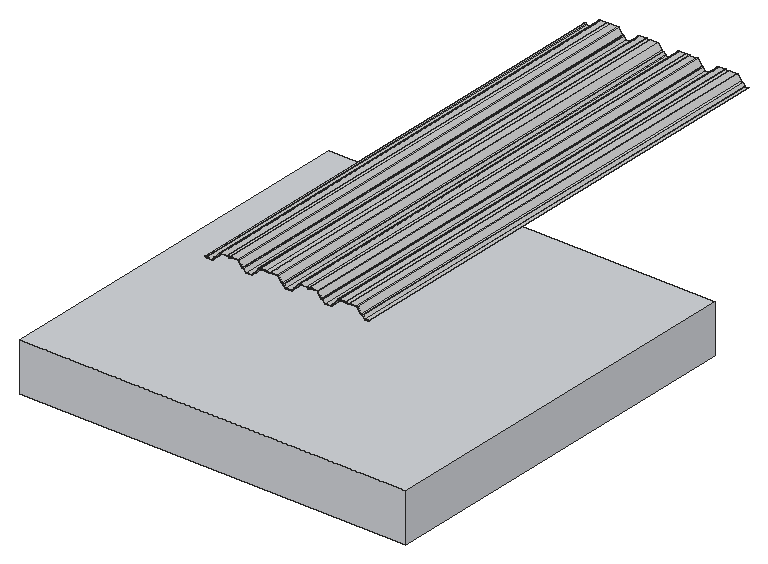
Revit family "Trapézový plech CB 55_250", category Obecné modely, Revit 2016
Family settings
  Hostitel = Plocha
  Typ součásti = Normální
  Může být hostitelem pro výztuž = Ne
  Kóta kulaté spojky = Použít průměr
  Ořezat dutým tvarem při načtení = Ne
  Sdílené = Ne
  Bod výpočtu místnosti = Ne
Parameters
  Šířka prvku - ořezání [instance] = 1032.612 mm
  Šířka [instance] = 1000 mm  # constant formula
  Výrobce = "CB profil a. s."  # constant formula
  Default Elevation = 0 mm
  URL = "https://www.cbprofil.cz/vyrobni-program/trapezove-plechy-vyroba-cb/"
  Třída oceli [instance] = Třída oceli : S 320 GD
  Tloušťka [instance] = 1 mm
  Pozitivní [instance] = not(Negativní)  # yes
  Popis = "CB 55/250"
  Negativní [instance] = no
  F2 barva [instance] = Pozink
  F1 barva [instance] = Pozink
  Délka [instance] = 3000 mm
  CB FLIS [instance] = no
Reference planes
  plane 1 "Střed (vpředu/vzadu)": y = 0
  plane 2: z = 0
  plane 3 "Střed (vlevo/vpravo)": x = 0
  plane 4 "trapézový plech": z = 0
  plane 5 "oříznutí": x = -1032.612
  plane 6: x = -1219.2
  plane 7: x = -1000
  plane 8: z = 57.1
Forms (mm)
  Extrusion 1, solid
    sketch origin (0, 0, 0) x (1, 0, 0) y (0, 1, 0)
      loop
        line (-1219.2, 1219.2) -> (-1219.2, -1219.2) -> (1219.2, -1219.2) -> (1219.2, 1219.2) -> (-1219.2, 1219.2)
    from 0 to -304.8
  Sweep 2, solid, material "Pozink" <- "F2 barva", visible <- "Pozitivní"
    path origin (0, 0, 0) x (-1, 0, 0) y (0, -1, 0)
      loop
        line (0, 0) -> (0, -3000)
    profile "CB 55_250 : CB 55_250" origin (0, 1500, 0) x (-1, 0, 0) y (0, 0, 1)
      loop
        line (17.884, 1) -> (0, 1) -> (-5, 1) -> (-5, 0) -> (0, 0) -> (17.884, 0)
        arc (17.884, 0) -> (19.694, 0.433) -> (21.112, 1.638) r 4
        line (21.112, 1.638) -> (32.051, 16.592)
        arc (32.051, 16.592) -> (32.521, 17.099) -> (33.094, 17.486) r 3
        line (33.094, 17.486) -> (41.593, 21.879)
        arc (41.593, 21.879) -> (42.358, 22.394) -> (42.984, 23.07) r 4
        line (42.984, 23.07) -> (65.515, 53.871)
        arc (65.515, 53.871) -> (66.578, 54.775) -> (67.936, 55.1) r 3
        line (67.936, 55.1) -> (112.732, 55.1)
        arc (112.732, 55.1) -> (113.508, 54.998) -> (114.232, 54.698) r 3
        line (114.232, 54.698) -> (123.001, 49.638)
        arc (123.001, 49.638) -> (125, 49.103) -> (126.999, 49.638) r 4
        line (126.999, 49.638) -> (135.768, 54.698)
        arc (135.768, 54.698) -> (136.491, 54.998) -> (137.267, 55.1) r 3
        line (137.267, 55.1) -> (182.064, 55.1)
        arc (182.064, 55.1) -> (183.421, 54.775) -> (184.485, 53.871) r 3
        line (184.485, 53.871) -> (207.015, 23.07)
        arc (207.015, 23.07) -> (207.642, 22.394) -> (208.407, 21.879) r 4
        line (208.407, 21.879) -> (216.905, 17.486)
        arc (216.905, 17.486) -> (217.479, 17.099) -> (217.949, 16.592) r 3
        line (217.949, 16.592) -> (228.887, 1.638)
        arc (228.887, 1.638) -> (230.306, 0.433) -> (232.116, 0) r 4
        line (232.116, 0) -> (250, 0) -> (267.883, 0)
        arc (267.883, 0) -> (269.694, 0.433) -> (271.112, 1.638) r 4
        line (271.112, 1.638) -> (282.05, 16.592)
        arc (282.05, 16.592) -> (282.52, 17.099) -> (283.094, 17.486) r 3
        line (283.094, 17.486) -> (291.592, 21.879)
        arc (291.592, 21.879) -> (292.357, 22.394) -> (292.984, 23.07) r 4
        line (292.984, 23.07) -> (315.514, 53.871)
        arc (315.514, 53.871) -> (316.578, 54.775) -> (317.936, 55.1) r 3
        line (317.936, 55.1) -> (362.732, 55.1)
        arc (362.732, 55.1) -> (363.508, 54.998) -> (364.231, 54.698) r 3
        line (364.231, 54.698) -> (373, 49.638)
        arc (373, 49.638) -> (374.999, 49.103) -> (376.999, 49.638) r 4
        line (376.999, 49.638) -> (385.768, 54.698)
        arc (385.768, 54.698) -> (386.491, 54.998) -> (387.267, 55.1) r 3
        line (387.267, 55.1) -> (432.063, 55.1)
        arc (432.063, 55.1) -> (433.421, 54.775) -> (434.485, 53.871) r 3
        line (434.485, 53.871) -> (457.015, 23.07)
        arc (457.015, 23.07) -> (457.642, 22.394) -> (458.407, 21.879) r 4
        line (458.407, 21.879) -> (466.905, 17.486)
        arc (466.905, 17.486) -> (467.479, 17.099) -> (467.949, 16.592) r 3
        line (467.949, 16.592) -> (478.887, 1.638)
        arc (478.887, 1.638) -> (480.305, 0.433) -> (482.115, 0) r 4
        line (482.115, 0) -> (517.883, 0)
        arc (517.883, 0) -> (519.693, 0.433) -> (521.111, 1.638) r 4
        line (521.111, 1.638) -> (532.05, 16.592)
        arc (532.05, 16.592) -> (532.52, 17.099) -> (533.094, 17.486) r 3
        line (533.094, 17.486) -> (541.592, 21.879)
        arc (541.592, 21.879) -> (542.357, 22.394) -> (542.984, 23.07) r 4
        line (542.984, 23.07) -> (565.514, 53.871)
        arc (565.514, 53.871) -> (566.578, 54.775) -> (567.935, 55.1) r 3
        line (567.935, 55.1) -> (612.731, 55.1)
        arc (612.731, 55.1) -> (613.508, 54.998) -> (614.231, 54.698) r 3
        line (614.231, 54.698) -> (623, 49.638)
        arc (623, 49.638) -> (624.999, 49.103) -> (626.998, 49.638) r 4
        line (626.998, 49.638) -> (635.767, 54.698)
        arc (635.767, 54.698) -> (636.49, 54.998) -> (637.267, 55.1) r 3
        line (637.267, 55.1) -> (682.063, 55.1)
        arc (682.063, 55.1) -> (683.42, 54.775) -> (684.484, 53.871) r 3
        line (684.484, 53.871) -> (707.014, 23.07)
        arc (707.014, 23.07) -> (707.641, 22.394) -> (708.406, 21.879) r 4
        line (708.406, 21.879) -> (716.904, 17.486)
        arc (716.904, 17.486) -> (717.478, 17.099) -> (717.948, 16.592) r 3
        line (717.948, 16.592) -> (728.887, 1.638)
        arc (728.887, 1.638) -> (730.305, 0.433) -> (732.115, 0) r 4
        line (732.115, 0) -> (749.999, 0) -> (767.883, 0)
        arc (767.883, 0) -> (769.693, 0.433) -> (771.111, 1.638) r 4
        line (771.111, 1.638) -> (782.049, 16.592)
        arc (782.049, 16.592) -> (782.519, 17.099) -> (783.093, 17.486) r 3
        line (783.093, 17.486) -> (791.591, 21.879)
        arc (791.591, 21.879) -> (792.356, 22.394) -> (792.983, 23.07) r 4
        line (792.983, 23.07) -> (815.513, 53.871)
        arc (815.513, 53.871) -> (816.577, 54.775) -> (817.935, 55.1) r 3
        line (817.935, 55.1) -> (862.731, 55.1)
        arc (862.731, 55.1) -> (863.507, 54.998) -> (864.23, 54.698) r 3
        line (864.23, 54.698) -> (873.118, 49.569)
        arc (873.118, 49.569) -> (874.999, 49.1) -> (876.879, 49.569) r 4
        line (876.879, 49.569) -> (885.767, 54.698)
        arc (885.767, 54.698) -> (886.49, 54.998) -> (887.266, 55.1) r 3
        line (887.266, 55.1) -> (932.062, 55.1)
        arc (932.062, 55.1) -> (933.42, 54.775) -> (934.484, 53.871) r 3
        line (934.484, 53.871) -> (957.014, 23.07)
        arc (957.014, 23.07) -> (957.641, 22.394) -> (958.406, 21.879) r 4
        line (958.406, 21.879) -> (966.904, 17.486)
        arc (966.904, 17.486) -> (967.478, 17.099) -> (967.948, 16.592) r 3
        line (967.948, 16.592) -> (978.886, 1.638)
        arc (978.886, 1.638) -> (980.304, 0.433) -> (982.115, 0) r 4
        line (982.115, 0) -> (999.998, 0) -> (1017.882, 0)
        arc (1017.882, 0) -> (1019.692, 0.433) -> (1021.111, 1.638) r 4
        line (1021.111, 1.638) -> (1025.962, 8.27) -> (1025.155, 8.861) -> (1020.303, 2.229)
        arc (1020.303, 2.229) -> (1019.24, 1.325) -> (1017.882, 1) r 3
        line (1017.882, 1) -> (999.998, 1) -> (982.115, 1)
        arc (982.115, 1) -> (980.757, 1.325) -> (979.693, 2.229) r 3
        line (979.693, 2.229) -> (968.755, 17.182)
        arc (968.755, 17.182) -> (968.128, 17.859) -> (967.363, 18.374) r 4
        line (967.363, 18.374) -> (958.865, 22.767)
        arc (958.865, 22.767) -> (958.291, 23.153) -> (957.821, 23.661) r 3
        line (957.821, 23.661) -> (935.291, 54.462)
        arc (935.291, 54.462) -> (933.873, 55.667) -> (932.062, 56.1) r 4
        line (932.062, 56.1) -> (887.266, 56.1)
        arc (887.266, 56.1) -> (886.231, 55.964) -> (885.267, 55.564) r 4
        line (885.267, 55.564) -> (876.403, 50.449)
        arc (876.403, 50.449) -> (874.999, 50.1) -> (873.595, 50.449) r 3
        line (873.595, 50.449) -> (864.73, 55.564)
        arc (864.73, 55.564) -> (863.766, 55.964) -> (862.731, 56.1) r 4
        line (862.731, 56.1) -> (817.935, 56.1)
        arc (817.935, 56.1) -> (816.125, 55.667) -> (814.706, 54.462) r 4
        line (814.706, 54.462) -> (792.176, 23.661)
        arc (792.176, 23.661) -> (791.706, 23.153) -> (791.132, 22.767) r 3
        line (791.132, 22.767) -> (782.634, 18.374)
        arc (782.634, 18.374) -> (781.869, 17.859) -> (781.242, 17.182) r 4
        line (781.242, 17.182) -> (770.304, 2.229)
        arc (770.304, 2.229) -> (769.24, 1.325) -> (767.883, 1) r 3
        line (767.883, 1) -> (749.999, 1) -> (732.115, 1)
        arc (732.115, 1) -> (730.757, 1.325) -> (729.694, 2.229) r 3
        line (729.694, 2.229) -> (718.755, 17.182)
        arc (718.755, 17.182) -> (718.129, 17.859) -> (717.364, 18.374) r 4
        line (717.364, 18.374) -> (708.865, 22.767)
        arc (708.865, 22.767) -> (708.292, 23.153) -> (707.822, 23.661) r 3
        line (707.822, 23.661) -> (685.291, 54.462)
        arc (685.291, 54.462) -> (683.873, 55.667) -> (682.063, 56.1) r 4
        line (682.063, 56.1) -> (637.267, 56.1)
        arc (637.267, 56.1) -> (636.232, 55.964) -> (635.267, 55.565) r 4
        line (635.267, 55.565) -> (626.498, 50.504)
        arc (626.498, 50.504) -> (624.999, 50.103) -> (623.5, 50.504) r 3
        line (623.5, 50.504) -> (614.731, 55.565)
        arc (614.731, 55.565) -> (613.766, 55.964) -> (612.731, 56.1) r 4
        line (612.731, 56.1) -> (567.935, 56.1)
        arc (567.935, 56.1) -> (566.125, 55.667) -> (564.707, 54.462) r 4
        line (564.707, 54.462) -> (542.176, 23.661)
        arc (542.176, 23.661) -> (541.706, 23.153) -> (541.133, 22.767) r 3
        line (541.133, 22.767) -> (532.634, 18.374)
        arc (532.634, 18.374) -> (531.869, 17.859) -> (531.243, 17.182) r 4
        line (531.243, 17.182) -> (520.304, 2.229)
        arc (520.304, 2.229) -> (519.241, 1.325) -> (517.883, 1) r 3
        line (517.883, 1) -> (499.999, 1) -> (482.115, 1)
        arc (482.115, 1) -> (480.758, 1.325) -> (479.694, 2.229) r 3
        line (479.694, 2.229) -> (468.756, 17.182)
        arc (468.756, 17.182) -> (468.129, 17.859) -> (467.364, 18.374) r 4
        line (467.364, 18.374) -> (458.866, 22.767)
        arc (458.866, 22.767) -> (458.292, 23.153) -> (457.822, 23.661) r 3
        line (457.822, 23.661) -> (435.292, 54.462)
        arc (435.292, 54.462) -> (433.873, 55.667) -> (432.063, 56.1) r 4
        line (432.063, 56.1) -> (387.267, 56.1)
        arc (387.267, 56.1) -> (386.232, 55.964) -> (385.268, 55.565) r 4
        line (385.268, 55.565) -> (376.499, 50.504)
        arc (376.499, 50.504) -> (374.999, 50.103) -> (373.5, 50.504) r 3
        line (373.5, 50.504) -> (364.731, 55.565)
        arc (364.731, 55.565) -> (363.767, 55.964) -> (362.732, 56.1) r 4
        line (362.732, 56.1) -> (317.936, 56.1)
        arc (317.936, 56.1) -> (316.125, 55.667) -> (314.707, 54.462) r 4
        line (314.707, 54.462) -> (292.177, 23.661)
        arc (292.177, 23.661) -> (291.707, 23.153) -> (291.133, 22.767) r 3
        line (291.133, 22.767) -> (282.635, 18.374)
        arc (282.635, 18.374) -> (281.87, 17.859) -> (281.243, 17.182) r 4
        line (281.243, 17.182) -> (270.305, 2.229)
        arc (270.305, 2.229) -> (269.241, 1.325) -> (267.883, 1) r 3
        line (267.883, 1) -> (250, 1) -> (232.116, 1)
        arc (232.116, 1) -> (230.758, 1.325) -> (229.694, 2.229) r 3
        line (229.694, 2.229) -> (218.756, 17.182)
        arc (218.756, 17.182) -> (218.129, 17.859) -> (217.364, 18.374) r 4
        line (217.364, 18.374) -> (208.866, 22.767)
        arc (208.866, 22.767) -> (208.292, 23.153) -> (207.822, 23.661) r 3
        line (207.822, 23.661) -> (185.292, 54.462)
        arc (185.292, 54.462) -> (183.874, 55.667) -> (182.064, 56.1) r 4
        line (182.064, 56.1) -> (137.267, 56.1)
        arc (137.267, 56.1) -> (136.233, 55.964) -> (135.268, 55.565) r 4
        line (135.268, 55.565) -> (126.499, 50.504)
        arc (126.499, 50.504) -> (125, 50.103) -> (123.5, 50.504) r 3
        line (123.5, 50.504) -> (114.731, 55.565)
        arc (114.731, 55.565) -> (113.767, 55.964) -> (112.732, 56.1) r 4
        line (112.732, 56.1) -> (67.936, 56.1)
        arc (67.936, 56.1) -> (66.126, 55.667) -> (64.708, 54.462) r 4
        line (64.708, 54.462) -> (42.177, 23.661)
        arc (42.177, 23.661) -> (41.707, 23.153) -> (41.133, 22.767) r 3
        line (41.133, 22.767) -> (32.635, 18.374)
        arc (32.635, 18.374) -> (31.87, 17.859) -> (31.243, 17.182) r 4
        line (31.243, 17.182) -> (20.305, 2.229)
        arc (20.305, 2.229) -> (19.241, 1.325) -> (17.884, 1) r 3
  Extrusion 3, void
    sketch origin (0, 0, 0) x (1, 0, 0) y (0, 0, 1)
      loop
        line (-1219.2, 0) -> (-1032.612, 0) -> (-1032.612, 57.1) -> (-1219.2, 57.1) -> (-1219.2, 0)
    from 0 to -3000
  Sweep 4, solid, material "Pozink" <- "F2 barva", visible <- "Negativní"
    path origin (0, 0, 0) x (-1, 0, 0) y (0, -1, 0)
      loop
        line (0, 0) -> (0, -3000)
    profile "CB 55_250_neg : CB 55_250_neg" origin (0, 1500, 0) x (-1, 0, 0) y (0, 0, 1)
      loop
        arc (17.884, 55.1) -> (19.241, 54.775) -> (20.305, 53.871) r 3
        line (20.305, 53.871) -> (31.243, 38.918)
        arc (31.243, 38.918) -> (31.87, 38.241) -> (32.635, 37.726) r 4
        line (32.635, 37.726) -> (41.133, 33.333)
        arc (41.133, 33.333) -> (41.707, 32.947) -> (42.177, 32.439) r 3
        line (42.177, 32.439) -> (64.708, 1.638)
        arc (64.708, 1.638) -> (66.126, 0.433) -> (67.936, 0) r 4
        line (67.936, 0) -> (112.732, 0)
        arc (112.732, 0) -> (113.767, 0.136) -> (114.731, 0.535) r 4
        line (114.731, 0.535) -> (123.5, 5.596)
        arc (123.5, 5.596) -> (125, 5.997) -> (126.499, 5.596) r 3
        line (126.499, 5.596) -> (135.268, 0.535)
        arc (135.268, 0.535) -> (136.233, 0.136) -> (137.267, 0) r 4
        line (137.267, 0) -> (182.064, 0)
        arc (182.064, 0) -> (183.874, 0.433) -> (185.292, 1.638) r 4
        line (185.292, 1.638) -> (207.822, 32.439)
        arc (207.822, 32.439) -> (208.292, 32.947) -> (208.866, 33.333) r 3
        line (208.866, 33.333) -> (217.364, 37.726)
        arc (217.364, 37.726) -> (218.129, 38.241) -> (218.756, 38.918) r 4
        line (218.756, 38.918) -> (229.694, 53.871)
        arc (229.694, 53.871) -> (230.758, 54.775) -> (232.116, 55.1) r 3
        line (232.116, 55.1) -> (250, 55.1) -> (267.883, 55.1)
        arc (267.883, 55.1) -> (269.241, 54.775) -> (270.305, 53.871) r 3
        line (270.305, 53.871) -> (281.243, 38.918)
        arc (281.243, 38.918) -> (281.87, 38.241) -> (282.635, 37.726) r 4
        line (282.635, 37.726) -> (291.133, 33.333)
        arc (291.133, 33.333) -> (291.707, 32.947) -> (292.177, 32.439) r 3
        line (292.177, 32.439) -> (314.707, 1.638)
        arc (314.707, 1.638) -> (316.125, 0.433) -> (317.936, 0) r 4
        line (317.936, 0) -> (362.732, 0)
        arc (362.732, 0) -> (363.767, 0.136) -> (364.731, 0.535) r 4
        line (364.731, 0.535) -> (373.5, 5.596)
        arc (373.5, 5.596) -> (374.999, 5.997) -> (376.499, 5.596) r 3
        line (376.499, 5.596) -> (385.268, 0.535)
        arc (385.268, 0.535) -> (386.232, 0.136) -> (387.267, 0) r 4
        line (387.267, 0) -> (432.063, 0)
        arc (432.063, 0) -> (433.873, 0.433) -> (435.292, 1.638) r 4
        line (435.292, 1.638) -> (457.822, 32.439)
        arc (457.822, 32.439) -> (458.292, 32.947) -> (458.866, 33.333) r 3
        line (458.866, 33.333) -> (467.364, 37.726)
        arc (467.364, 37.726) -> (468.129, 38.241) -> (468.756, 38.918) r 4
        line (468.756, 38.918) -> (479.694, 53.871)
        arc (479.694, 53.871) -> (480.758, 54.775) -> (482.115, 55.1) r 3
        line (482.115, 55.1) -> (499.999, 55.1) -> (517.883, 55.1)
        arc (517.883, 55.1) -> (519.241, 54.775) -> (520.304, 53.871) r 3
        line (520.304, 53.871) -> (531.243, 38.918)
        arc (531.243, 38.918) -> (531.869, 38.241) -> (532.634, 37.726) r 4
        line (532.634, 37.726) -> (541.133, 33.333)
        arc (541.133, 33.333) -> (541.706, 32.947) -> (542.176, 32.439) r 3
        line (542.176, 32.439) -> (564.707, 1.638)
        arc (564.707, 1.638) -> (566.125, 0.433) -> (567.935, 0) r 4
        line (567.935, 0) -> (612.731, 0)
        arc (612.731, 0) -> (613.766, 0.136) -> (614.731, 0.535) r 4
        line (614.731, 0.535) -> (623.5, 5.596)
        arc (623.5, 5.596) -> (624.999, 5.997) -> (626.498, 5.596) r 3
        line (626.498, 5.596) -> (635.267, 0.535)
        arc (635.267, 0.535) -> (636.232, 0.136) -> (637.267, 0) r 4
        line (637.267, 0) -> (682.063, 0)
        arc (682.063, 0) -> (683.873, 0.433) -> (685.291, 1.638) r 4
        line (685.291, 1.638) -> (707.822, 32.439)
        arc (707.822, 32.439) -> (708.292, 32.947) -> (708.865, 33.333) r 3
        line (708.865, 33.333) -> (717.364, 37.726)
        arc (717.364, 37.726) -> (718.129, 38.241) -> (718.755, 38.918) r 4
        line (718.755, 38.918) -> (729.694, 53.871)
        arc (729.694, 53.871) -> (730.757, 54.775) -> (732.115, 55.1) r 3
        line (732.115, 55.1) -> (749.999, 55.1) -> (767.883, 55.1)
        arc (767.883, 55.1) -> (769.24, 54.775) -> (770.304, 53.871) r 3
        line (770.304, 53.871) -> (781.242, 38.918)
        arc (781.242, 38.918) -> (781.869, 38.241) -> (782.634, 37.726) r 4
        line (782.634, 37.726) -> (791.132, 33.333)
        arc (791.132, 33.333) -> (791.706, 32.947) -> (792.176, 32.439) r 3
        line (792.176, 32.439) -> (814.706, 1.638)
        arc (814.706, 1.638) -> (816.125, 0.433) -> (817.935, 0) r 4
        line (817.935, 0) -> (862.731, 0)
        arc (862.731, 0) -> (863.766, 0.136) -> (864.73, 0.536) r 4
        line (864.73, 0.536) -> (873.595, 5.651)
        arc (873.595, 5.651) -> (874.999, 6) -> (876.403, 5.651) r 3
        line (876.403, 5.651) -> (885.267, 0.536)
        arc (885.267, 0.536) -> (886.231, 0.136) -> (887.266, 0) r 4
        line (887.266, 0) -> (932.062, 0)
        arc (932.062, 0) -> (933.873, 0.433) -> (935.291, 1.638) r 4
        line (935.291, 1.638) -> (957.821, 32.439)
        arc (957.821, 32.439) -> (958.291, 32.947) -> (958.865, 33.333) r 3
        line (958.865, 33.333) -> (967.363, 37.726)
        arc (967.363, 37.726) -> (968.128, 38.241) -> (968.755, 38.918) r 4
        line (968.755, 38.918) -> (979.693, 53.871)
        arc (979.693, 53.871) -> (980.757, 54.775) -> (982.115, 55.1) r 3
        line (982.115, 55.1) -> (999.998, 55.1) -> (1017.882, 55.1)
        arc (1017.882, 55.1) -> (1019.24, 54.775) -> (1020.303, 53.871) r 3
        line (1020.303, 53.871) -> (1025.155, 47.239) -> (1025.962, 47.83) -> (1021.111, 54.462)
        arc (1021.111, 54.462) -> (1019.692, 55.667) -> (1017.882, 56.1) r 4
        line (1017.882, 56.1) -> (999.998, 56.1) -> (982.115, 56.1)
        arc (982.115, 56.1) -> (980.304, 55.667) -> (978.886, 54.462) r 4
        line (978.886, 54.462) -> (967.948, 39.508)
        arc (967.948, 39.508) -> (967.478, 39.001) -> (966.904, 38.614) r 3
        line (966.904, 38.614) -> (958.406, 34.221)
        arc (958.406, 34.221) -> (957.641, 33.706) -> (957.014, 33.03) r 4
        line (957.014, 33.03) -> (934.484, 2.229)
        arc (934.484, 2.229) -> (933.42, 1.325) -> (932.062, 1) r 3
        line (932.062, 1) -> (887.266, 1)
        arc (887.266, 1) -> (886.49, 1.102) -> (885.767, 1.402) r 3
        line (885.767, 1.402) -> (876.879, 6.531)
        arc (876.879, 6.531) -> (874.999, 7) -> (873.118, 6.531) r 4
        line (873.118, 6.531) -> (864.23, 1.402)
        arc (864.23, 1.402) -> (863.507, 1.102) -> (862.731, 1) r 3
        line (862.731, 1) -> (817.935, 1)
        arc (817.935, 1) -> (816.577, 1.325) -> (815.513, 2.229) r 3
        line (815.513, 2.229) -> (792.983, 33.03)
        arc (792.983, 33.03) -> (792.356, 33.706) -> (791.591, 34.221) r 4
        line (791.591, 34.221) -> (783.093, 38.614)
        arc (783.093, 38.614) -> (782.519, 39.001) -> (782.049, 39.508) r 3
        line (782.049, 39.508) -> (771.111, 54.462)
        arc (771.111, 54.462) -> (769.693, 55.667) -> (767.883, 56.1) r 4
        line (767.883, 56.1) -> (749.999, 56.1) -> (732.115, 56.1)
        arc (732.115, 56.1) -> (730.305, 55.667) -> (728.887, 54.462) r 4
        line (728.887, 54.462) -> (717.948, 39.508)
        arc (717.948, 39.508) -> (717.478, 39.001) -> (716.904, 38.614) r 3
        line (716.904, 38.614) -> (708.406, 34.221)
        arc (708.406, 34.221) -> (707.641, 33.706) -> (707.014, 33.03) r 4
        line (707.014, 33.03) -> (684.484, 2.229)
        arc (684.484, 2.229) -> (683.42, 1.325) -> (682.063, 1) r 3
        line (682.063, 1) -> (637.267, 1)
        arc (637.267, 1) -> (636.49, 1.102) -> (635.767, 1.402) r 3
        line (635.767, 1.402) -> (626.998, 6.462)
        arc (626.998, 6.462) -> (624.999, 6.997) -> (623, 6.462) r 4
        line (623, 6.462) -> (614.231, 1.402)
        arc (614.231, 1.402) -> (613.508, 1.102) -> (612.731, 1) r 3
        line (612.731, 1) -> (567.935, 1)
        arc (567.935, 1) -> (566.578, 1.325) -> (565.514, 2.229) r 3
        line (565.514, 2.229) -> (542.984, 33.03)
        arc (542.984, 33.03) -> (542.357, 33.706) -> (541.592, 34.221) r 4
        line (541.592, 34.221) -> (533.094, 38.614)
        arc (533.094, 38.614) -> (532.52, 39.001) -> (532.05, 39.508) r 3
        line (532.05, 39.508) -> (521.111, 54.462)
        arc (521.111, 54.462) -> (519.693, 55.667) -> (517.883, 56.1) r 4
        line (517.883, 56.1) -> (482.115, 56.1)
        arc (482.115, 56.1) -> (480.305, 55.667) -> (478.887, 54.462) r 4
        line (478.887, 54.462) -> (467.949, 39.508)
        arc (467.949, 39.508) -> (467.479, 39.001) -> (466.905, 38.614) r 3
        line (466.905, 38.614) -> (458.407, 34.221)
        arc (458.407, 34.221) -> (457.642, 33.706) -> (457.015, 33.03) r 4
        line (457.015, 33.03) -> (434.485, 2.229)
        arc (434.485, 2.229) -> (433.421, 1.325) -> (432.063, 1) r 3
        line (432.063, 1) -> (387.267, 1)
        arc (387.267, 1) -> (386.491, 1.102) -> (385.768, 1.402) r 3
        line (385.768, 1.402) -> (376.999, 6.462)
        arc (376.999, 6.462) -> (374.999, 6.997) -> (373, 6.462) r 4
        line (373, 6.462) -> (364.231, 1.402)
        arc (364.231, 1.402) -> (363.508, 1.102) -> (362.732, 1) r 3
        line (362.732, 1) -> (317.936, 1)
        arc (317.936, 1) -> (316.578, 1.325) -> (315.514, 2.229) r 3
        line (315.514, 2.229) -> (292.984, 33.03)
        arc (292.984, 33.03) -> (292.357, 33.706) -> (291.592, 34.221) r 4
        line (291.592, 34.221) -> (283.094, 38.614)
        arc (283.094, 38.614) -> (282.52, 39.001) -> (282.05, 39.508) r 3
        line (282.05, 39.508) -> (271.112, 54.462)
        arc (271.112, 54.462) -> (269.694, 55.667) -> (267.883, 56.1) r 4
        line (267.883, 56.1) -> (250, 56.1) -> (232.116, 56.1)
        arc (232.116, 56.1) -> (230.306, 55.667) -> (228.887, 54.462) r 4
        line (228.887, 54.462) -> (217.949, 39.508)
        arc (217.949, 39.508) -> (217.479, 39.001) -> (216.905, 38.614) r 3
        line (216.905, 38.614) -> (208.407, 34.221)
        arc (208.407, 34.221) -> (207.642, 33.706) -> (207.015, 33.03) r 4
        line (207.015, 33.03) -> (184.485, 2.229)
        arc (184.485, 2.229) -> (183.421, 1.325) -> (182.064, 1) r 3
        line (182.064, 1) -> (137.267, 1)
        arc (137.267, 1) -> (136.491, 1.102) -> (135.768, 1.402) r 3
        line (135.768, 1.402) -> (126.999, 6.462)
        arc (126.999, 6.462) -> (125, 6.997) -> (123.001, 6.462) r 4
        line (123.001, 6.462) -> (114.232, 1.402)
        arc (114.232, 1.402) -> (113.508, 1.102) -> (112.732, 1) r 3
        line (112.732, 1) -> (67.936, 1)
        arc (67.936, 1) -> (66.578, 1.325) -> (65.515, 2.229) r 3
        line (65.515, 2.229) -> (42.984, 33.03)
        arc (42.984, 33.03) -> (42.358, 33.706) -> (41.593, 34.221) r 4
        line (41.593, 34.221) -> (33.094, 38.614)
        arc (33.094, 38.614) -> (32.521, 39.001) -> (32.051, 39.508) r 3
        line (32.051, 39.508) -> (21.112, 54.462)
        arc (21.112, 54.462) -> (19.694, 55.667) -> (17.884, 56.1) r 4
        line (17.884, 56.1) -> (0, 56.1) -> (-5, 56.1) -> (-5, 55.1) -> (0, 55.1) -> (17.884, 55.1)
  Sweep 5, solid, material "Pozink" <- "F1 barva", visible <- "Pozitivní"
    path origin (0, 0, 0) x (-1, 0, 0) y (0, -1, 0)
      loop
        line (0, 0) -> (0, -3000)
    profile "CB 55_250_F1 : CB 55_250_F1" origin (0, 1500, 0) x (-1, 0, 0) y (0, 0, 1)
      loop
        arc (17.884, 1) -> (19.241, 1.325) -> (20.305, 2.229) r 3
        line (20.305, 2.229) -> (31.243, 17.182)
        arc (31.243, 17.182) -> (31.87, 17.859) -> (32.635, 18.374) r 4
        line (32.635, 18.374) -> (41.133, 22.767)
        arc (41.133, 22.767) -> (41.707, 23.153) -> (42.177, 23.661) r 3
        line (42.177, 23.661) -> (64.708, 54.462)
        arc (64.708, 54.462) -> (66.126, 55.667) -> (67.936, 56.1) r 4
        line (67.936, 56.1) -> (112.732, 56.1)
        arc (112.732, 56.1) -> (113.767, 55.964) -> (114.731, 55.565) r 4
        line (114.731, 55.565) -> (123.5, 50.504)
        arc (123.5, 50.504) -> (125, 50.103) -> (126.499, 50.504) r 3
        line (126.499, 50.504) -> (135.268, 55.565)
        arc (135.268, 55.565) -> (136.233, 55.964) -> (137.267, 56.1) r 4
        line (137.267, 56.1) -> (182.064, 56.1)
        arc (182.064, 56.1) -> (183.874, 55.667) -> (185.292, 54.462) r 4
        line (185.292, 54.462) -> (207.822, 23.661)
        arc (207.822, 23.661) -> (208.292, 23.153) -> (208.866, 22.767) r 3
        line (208.866, 22.767) -> (217.364, 18.374)
        arc (217.364, 18.374) -> (218.129, 17.859) -> (218.756, 17.182) r 4
        line (218.756, 17.182) -> (229.694, 2.229)
        arc (229.694, 2.229) -> (230.758, 1.325) -> (232.116, 1) r 3
        line (232.116, 1) -> (250, 1) -> (267.883, 1)
        arc (267.883, 1) -> (269.241, 1.325) -> (270.305, 2.229) r 3
        line (270.305, 2.229) -> (281.243, 17.182)
        arc (281.243, 17.182) -> (281.87, 17.859) -> (282.635, 18.374) r 4
        line (282.635, 18.374) -> (291.133, 22.767)
        arc (291.133, 22.767) -> (291.707, 23.153) -> (292.177, 23.661) r 3
        line (292.177, 23.661) -> (314.707, 54.462)
        arc (314.707, 54.462) -> (316.125, 55.667) -> (317.936, 56.1) r 4
        line (317.936, 56.1) -> (362.732, 56.1)
        arc (362.732, 56.1) -> (363.767, 55.964) -> (364.731, 55.565) r 4
        line (364.731, 55.565) -> (373.5, 50.504)
        arc (373.5, 50.504) -> (374.999, 50.103) -> (376.499, 50.504) r 3
        line (376.499, 50.504) -> (385.268, 55.565)
        arc (385.268, 55.565) -> (386.232, 55.964) -> (387.267, 56.1) r 4
        line (387.267, 56.1) -> (432.063, 56.1)
        arc (432.063, 56.1) -> (433.873, 55.667) -> (435.292, 54.462) r 4
        line (435.292, 54.462) -> (457.822, 23.661)
        arc (457.822, 23.661) -> (458.292, 23.153) -> (458.866, 22.767) r 3
        line (458.866, 22.767) -> (467.364, 18.374)
        arc (467.364, 18.374) -> (468.129, 17.859) -> (468.756, 17.182) r 4
        line (468.756, 17.182) -> (479.694, 2.229)
        arc (479.694, 2.229) -> (480.758, 1.325) -> (482.115, 1) r 3
        line (482.115, 1) -> (499.999, 1) -> (517.883, 1)
        arc (517.883, 1) -> (519.241, 1.325) -> (520.304, 2.229) r 3
        line (520.304, 2.229) -> (531.243, 17.182)
        arc (531.243, 17.182) -> (531.869, 17.859) -> (532.634, 18.374) r 4
        line (532.634, 18.374) -> (541.133, 22.767)
        arc (541.133, 22.767) -> (541.706, 23.153) -> (542.176, 23.661) r 3
        line (542.176, 23.661) -> (564.707, 54.462)
        arc (564.707, 54.462) -> (566.125, 55.667) -> (567.935, 56.1) r 4
        line (567.935, 56.1) -> (612.731, 56.1)
        arc (612.731, 56.1) -> (613.766, 55.964) -> (614.731, 55.565) r 4
        line (614.731, 55.565) -> (623.5, 50.504)
        arc (623.5, 50.504) -> (624.999, 50.103) -> (626.498, 50.504) r 3
        line (626.498, 50.504) -> (635.267, 55.565)
        arc (635.267, 55.565) -> (636.232, 55.964) -> (637.267, 56.1) r 4
        line (637.267, 56.1) -> (682.063, 56.1)
        arc (682.063, 56.1) -> (683.873, 55.667) -> (685.291, 54.462) r 4
        line (685.291, 54.462) -> (707.822, 23.661)
        arc (707.822, 23.661) -> (708.292, 23.153) -> (708.865, 22.767) r 3
        line (708.865, 22.767) -> (717.364, 18.374)
        arc (717.364, 18.374) -> (718.129, 17.859) -> (718.755, 17.182) r 4
        line (718.755, 17.182) -> (729.694, 2.229)
        arc (729.694, 2.229) -> (730.757, 1.325) -> (732.115, 1) r 3
        line (732.115, 1) -> (749.999, 1) -> (767.883, 1)
        arc (767.883, 1) -> (769.24, 1.325) -> (770.304, 2.229) r 3
        line (770.304, 2.229) -> (781.242, 17.182)
        arc (781.242, 17.182) -> (781.869, 17.859) -> (782.634, 18.374) r 4
        line (782.634, 18.374) -> (791.132, 22.767)
        arc (791.132, 22.767) -> (791.706, 23.153) -> (792.176, 23.661) r 3
        line (792.176, 23.661) -> (814.706, 54.462)
        arc (814.706, 54.462) -> (816.125, 55.667) -> (817.935, 56.1) r 4
        line (817.935, 56.1) -> (862.731, 56.1)
        arc (862.731, 56.1) -> (863.766, 55.964) -> (864.73, 55.564) r 4
        line (864.73, 55.564) -> (873.595, 50.449)
        arc (873.595, 50.449) -> (874.999, 50.1) -> (876.403, 50.449) r 3
        line (876.403, 50.449) -> (885.267, 55.564)
        arc (885.267, 55.564) -> (886.231, 55.964) -> (887.266, 56.1) r 4
        line (887.266, 56.1) -> (932.062, 56.1)
        arc (932.062, 56.1) -> (933.873, 55.667) -> (935.291, 54.462) r 4
        line (935.291, 54.462) -> (957.821, 23.661)
        arc (957.821, 23.661) -> (958.291, 23.153) -> (958.865, 22.767) r 3
        line (958.865, 22.767) -> (967.363, 18.374)
        arc (967.363, 18.374) -> (968.128, 17.859) -> (968.755, 17.182) r 4
        line (968.755, 17.182) -> (979.693, 2.229)
        arc (979.693, 2.229) -> (980.757, 1.325) -> (982.115, 1) r 3
        line (982.115, 1) -> (999.998, 1) -> (1017.882, 1)
        arc (1017.882, 1) -> (1019.24, 1.325) -> (1020.303, 2.229) r 3
        line (1020.303, 2.229) -> (1025.155, 8.861) -> (1024.439, 9.576) -> (1019.496, 2.819)
        arc (1019.496, 2.819) -> (1018.787, 2.217) -> (1017.882, 2) r 2
        line (1017.882, 2) -> (999.998, 2) -> (982.115, 2)
        arc (982.115, 2) -> (981.209, 2.217) -> (980.5, 2.819) r 2
        line (980.5, 2.819) -> (969.562, 17.773)
        arc (969.562, 17.773) -> (968.779, 18.619) -> (967.822, 19.262) r 5
        line (967.822, 19.262) -> (959.324, 23.655)
        arc (959.324, 23.655) -> (958.942, 23.913) -> (958.628, 24.251) r 2
        line (958.628, 24.251) -> (936.098, 55.052)
        arc (936.098, 55.052) -> (934.325, 56.559) -> (932.062, 57.1) r 5
        line (932.062, 57.1) -> (887.266, 57.1)
        arc (887.266, 57.1) -> (885.972, 56.93) -> (884.767, 56.431) r 5
        line (884.767, 56.431) -> (875.92, 51.325)
        arc (875.92, 51.325) -> (874.999, 51.1) -> (874.077, 51.325) r 2
        line (874.077, 51.325) -> (865.23, 56.431)
        arc (865.23, 56.431) -> (864.025, 56.93) -> (862.731, 57.1) r 5
        line (862.731, 57.1) -> (817.935, 57.1)
        arc (817.935, 57.1) -> (815.672, 56.559) -> (813.899, 55.052) r 5
        line (813.899, 55.052) -> (791.369, 24.251)
        arc (791.369, 24.251) -> (791.056, 23.913) -> (790.673, 23.655) r 2
        line (790.673, 23.655) -> (782.175, 19.262)
        arc (782.175, 19.262) -> (781.218, 18.619) -> (780.435, 17.773) r 5
        line (780.435, 17.773) -> (769.497, 2.819)
        arc (769.497, 2.819) -> (768.788, 2.217) -> (767.883, 2) r 2
        line (767.883, 2) -> (749.999, 2) -> (732.115, 2)
        arc (732.115, 2) -> (731.21, 2.217) -> (730.501, 2.819) r 2
        line (730.501, 2.819) -> (719.562, 17.773)
        arc (719.562, 17.773) -> (718.779, 18.619) -> (717.823, 19.262) r 5
        line (717.823, 19.262) -> (709.324, 23.655)
        arc (709.324, 23.655) -> (708.942, 23.913) -> (708.629, 24.251) r 2
        line (708.629, 24.251) -> (686.098, 55.052)
        arc (686.098, 55.052) -> (684.326, 56.559) -> (682.063, 57.1) r 5
        line (682.063, 57.1) -> (637.267, 57.1)
        arc (637.267, 57.1) -> (635.973, 56.93) -> (634.767, 56.431) r 5
        line (634.767, 56.431) -> (625.999, 51.37)
        arc (625.999, 51.37) -> (624.999, 51.103) -> (623.999, 51.37) r 2
        line (623.999, 51.37) -> (615.23, 56.431)
        arc (615.23, 56.431) -> (614.025, 56.93) -> (612.731, 57.1) r 5
        line (612.731, 57.1) -> (567.935, 57.1)
        arc (567.935, 57.1) -> (565.672, 56.559) -> (563.9, 55.052) r 5
        line (563.9, 55.052) -> (541.369, 24.251)
        arc (541.369, 24.251) -> (541.056, 23.913) -> (540.673, 23.655) r 2
        line (540.673, 23.655) -> (532.175, 19.262)
        arc (532.175, 19.262) -> (531.219, 18.619) -> (530.436, 17.773) r 5
        line (530.436, 17.773) -> (519.497, 2.819)
        arc (519.497, 2.819) -> (518.788, 2.217) -> (517.883, 2) r 2
        line (517.883, 2) -> (499.999, 2) -> (482.115, 2)
        arc (482.115, 2) -> (481.21, 2.217) -> (480.501, 2.819) r 2
        line (480.501, 2.819) -> (469.563, 17.773)
        arc (469.563, 17.773) -> (468.779, 18.619) -> (467.823, 19.262) r 5
        line (467.823, 19.262) -> (459.325, 23.655)
        arc (459.325, 23.655) -> (458.942, 23.913) -> (458.629, 24.251) r 2
        line (458.629, 24.251) -> (436.099, 55.052)
        arc (436.099, 55.052) -> (434.326, 56.559) -> (432.063, 57.1) r 5
        line (432.063, 57.1) -> (387.267, 57.1)
        arc (387.267, 57.1) -> (385.973, 56.93) -> (384.768, 56.431) r 5
        line (384.768, 56.431) -> (375.999, 51.37)
        arc (375.999, 51.37) -> (374.999, 51.103) -> (374, 51.37) r 2
        line (374, 51.37) -> (365.231, 56.431)
        arc (365.231, 56.431) -> (364.025, 56.93) -> (362.732, 57.1) r 5
        line (362.732, 57.1) -> (317.936, 57.1)
        arc (317.936, 57.1) -> (315.673, 56.559) -> (313.9, 55.052) r 5
        line (313.9, 55.052) -> (291.37, 24.251)
        arc (291.37, 24.251) -> (291.056, 23.913) -> (290.674, 23.655) r 2
        line (290.674, 23.655) -> (282.176, 19.262)
        arc (282.176, 19.262) -> (281.219, 18.619) -> (280.436, 17.773) r 5
        line (280.436, 17.773) -> (269.498, 2.819)
        arc (269.498, 2.819) -> (268.788, 2.217) -> (267.883, 2) r 2
        line (267.883, 2) -> (250, 2) -> (232.116, 2)
        arc (232.116, 2) -> (231.211, 2.217) -> (230.502, 2.819) r 2
        line (230.502, 2.819) -> (219.563, 17.773)
        arc (219.563, 17.773) -> (218.78, 18.619) -> (217.824, 19.262) r 5
        line (217.824, 19.262) -> (209.325, 23.655)
        arc (209.325, 23.655) -> (208.943, 23.913) -> (208.629, 24.251) r 2
        line (208.629, 24.251) -> (186.099, 55.052)
        arc (186.099, 55.052) -> (184.326, 56.559) -> (182.064, 57.1) r 5
        line (182.064, 57.1) -> (137.267, 57.1)
        arc (137.267, 57.1) -> (135.974, 56.93) -> (134.768, 56.431) r 5
        line (134.768, 56.431) -> (125.999, 51.37)
        arc (125.999, 51.37) -> (125, 51.103) -> (124, 51.37) r 2
        line (124, 51.37) -> (115.231, 56.431)
        arc (115.231, 56.431) -> (114.026, 56.93) -> (112.732, 57.1) r 5
        line (112.732, 57.1) -> (67.936, 57.1)
        arc (67.936, 57.1) -> (65.673, 56.559) -> (63.9, 55.052) r 5
        line (63.9, 55.052) -> (41.37, 24.251)
        arc (41.37, 24.251) -> (41.057, 23.913) -> (40.674, 23.655) r 2
        line (40.674, 23.655) -> (32.176, 19.262)
        arc (32.176, 19.262) -> (31.22, 18.619) -> (30.436, 17.773) r 5
        line (30.436, 17.773) -> (19.498, 2.819)
        arc (19.498, 2.819) -> (18.789, 2.217) -> (17.884, 2) r 2
        line (17.884, 2) -> (0, 2) -> (-5, 2) -> (-5, 1) -> (0, 1) -> (17.884, 1)
  Sweep 6, solid, material "Pozink" <- "F1 barva", visible <- "Negativní"
    path origin (0, 0, 0) x (-1, 0, 0) y (0, -1, 0)
      loop
        line (0, 0) -> (0, -3000)
    profile "CB 55_250_neg_F1 : CB 55_250_neg_F1" origin (0, 1500, 0) x (-1, 0, 0) y (0, 0, 1)
      loop
        line (-5, 56.1) -> (0, 56.1) -> (17.884, 56.1)
        arc (17.884, 56.1) -> (19.694, 55.667) -> (21.112, 54.462) r 4
        line (21.112, 54.462) -> (32.051, 39.508)
        arc (32.051, 39.508) -> (32.521, 39.001) -> (33.094, 38.614) r 3
        line (33.094, 38.614) -> (41.593, 34.221)
        arc (41.593, 34.221) -> (42.358, 33.706) -> (42.984, 33.03) r 4
        line (42.984, 33.03) -> (65.515, 2.229)
        arc (65.515, 2.229) -> (66.578, 1.325) -> (67.936, 1) r 3
        line (67.936, 1) -> (112.732, 1)
        arc (112.732, 1) -> (113.508, 1.102) -> (114.232, 1.402) r 3
        line (114.232, 1.402) -> (123.001, 6.462)
        arc (123.001, 6.462) -> (125, 6.997) -> (126.999, 6.462) r 4
        line (126.999, 6.462) -> (135.768, 1.402)
        arc (135.768, 1.402) -> (136.491, 1.102) -> (137.267, 1) r 3
        line (137.267, 1) -> (182.064, 1)
        arc (182.064, 1) -> (183.421, 1.325) -> (184.485, 2.229) r 3
        line (184.485, 2.229) -> (207.015, 33.03)
        arc (207.015, 33.03) -> (207.642, 33.706) -> (208.407, 34.221) r 4
        line (208.407, 34.221) -> (216.905, 38.614)
        arc (216.905, 38.614) -> (217.479, 39.001) -> (217.949, 39.508) r 3
        line (217.949, 39.508) -> (228.887, 54.462)
        arc (228.887, 54.462) -> (230.306, 55.667) -> (232.116, 56.1) r 4
        line (232.116, 56.1) -> (250, 56.1) -> (267.883, 56.1)
        arc (267.883, 56.1) -> (269.694, 55.667) -> (271.112, 54.462) r 4
        line (271.112, 54.462) -> (282.05, 39.508)
        arc (282.05, 39.508) -> (282.52, 39.001) -> (283.094, 38.614) r 3
        line (283.094, 38.614) -> (291.592, 34.221)
        arc (291.592, 34.221) -> (292.357, 33.706) -> (292.984, 33.03) r 4
        line (292.984, 33.03) -> (315.514, 2.229)
        arc (315.514, 2.229) -> (316.578, 1.325) -> (317.936, 1) r 3
        line (317.936, 1) -> (362.732, 1)
        arc (362.732, 1) -> (363.508, 1.102) -> (364.231, 1.402) r 3
        line (364.231, 1.402) -> (373, 6.462)
        arc (373, 6.462) -> (374.999, 6.997) -> (376.999, 6.462) r 4
        line (376.999, 6.462) -> (385.768, 1.402)
        arc (385.768, 1.402) -> (386.491, 1.102) -> (387.267, 1) r 3
        line (387.267, 1) -> (432.063, 1)
        arc (432.063, 1) -> (433.421, 1.325) -> (434.485, 2.229) r 3
        line (434.485, 2.229) -> (457.015, 33.03)
        arc (457.015, 33.03) -> (457.642, 33.706) -> (458.407, 34.221) r 4
        line (458.407, 34.221) -> (466.905, 38.614)
        arc (466.905, 38.614) -> (467.479, 39.001) -> (467.949, 39.508) r 3
        line (467.949, 39.508) -> (478.887, 54.462)
        arc (478.887, 54.462) -> (480.305, 55.667) -> (482.115, 56.1) r 4
        line (482.115, 56.1) -> (517.883, 56.1)
        arc (517.883, 56.1) -> (519.693, 55.667) -> (521.111, 54.462) r 4
        line (521.111, 54.462) -> (532.05, 39.508)
        arc (532.05, 39.508) -> (532.52, 39.001) -> (533.094, 38.614) r 3
        line (533.094, 38.614) -> (541.592, 34.221)
        arc (541.592, 34.221) -> (542.357, 33.706) -> (542.984, 33.03) r 4
        line (542.984, 33.03) -> (565.514, 2.229)
        arc (565.514, 2.229) -> (566.578, 1.325) -> (567.935, 1) r 3
        line (567.935, 1) -> (612.731, 1)
        arc (612.731, 1) -> (613.508, 1.102) -> (614.231, 1.402) r 3
        line (614.231, 1.402) -> (623, 6.462)
        arc (623, 6.462) -> (624.999, 6.997) -> (626.998, 6.462) r 4
        line (626.998, 6.462) -> (635.767, 1.402)
        arc (635.767, 1.402) -> (636.49, 1.102) -> (637.267, 1) r 3
        line (637.267, 1) -> (682.063, 1)
        arc (682.063, 1) -> (683.42, 1.325) -> (684.484, 2.229) r 3
        line (684.484, 2.229) -> (707.014, 33.03)
        arc (707.014, 33.03) -> (707.641, 33.706) -> (708.406, 34.221) r 4
        line (708.406, 34.221) -> (716.904, 38.614)
        arc (716.904, 38.614) -> (717.478, 39.001) -> (717.948, 39.508) r 3
        line (717.948, 39.508) -> (728.887, 54.462)
        arc (728.887, 54.462) -> (730.305, 55.667) -> (732.115, 56.1) r 4
        line (732.115, 56.1) -> (749.999, 56.1) -> (767.883, 56.1)
        arc (767.883, 56.1) -> (769.693, 55.667) -> (771.111, 54.462) r 4
        line (771.111, 54.462) -> (782.049, 39.508)
        arc (782.049, 39.508) -> (782.519, 39.001) -> (783.093, 38.614) r 3
        line (783.093, 38.614) -> (791.591, 34.221)
        arc (791.591, 34.221) -> (792.356, 33.706) -> (792.983, 33.03) r 4
        line (792.983, 33.03) -> (815.513, 2.229)
        arc (815.513, 2.229) -> (816.577, 1.325) -> (817.935, 1) r 3
        line (817.935, 1) -> (862.731, 1)
        arc (862.731, 1) -> (863.507, 1.102) -> (864.23, 1.402) r 3
        line (864.23, 1.402) -> (873.118, 6.531)
        arc (873.118, 6.531) -> (874.999, 7) -> (876.879, 6.531) r 4
        line (876.879, 6.531) -> (885.767, 1.402)
        arc (885.767, 1.402) -> (886.49, 1.102) -> (887.266, 1) r 3
        line (887.266, 1) -> (932.062, 1)
        arc (932.062, 1) -> (933.42, 1.325) -> (934.484, 2.229) r 3
        line (934.484, 2.229) -> (957.014, 33.03)
        arc (957.014, 33.03) -> (957.641, 33.706) -> (958.406, 34.221) r 4
        line (958.406, 34.221) -> (966.904, 38.614)
        arc (966.904, 38.614) -> (967.478, 39.001) -> (967.948, 39.508) r 3
        line (967.948, 39.508) -> (978.886, 54.462)
        arc (978.886, 54.462) -> (980.304, 55.667) -> (982.115, 56.1) r 4
        line (982.115, 56.1) -> (999.998, 56.1) -> (1017.882, 56.1)
        arc (1017.882, 56.1) -> (1019.692, 55.667) -> (1021.111, 54.462) r 4
        line (1021.111, 54.462) -> (1025.962, 47.83) -> (1026.769, 48.42) -> (1021.918, 55.052)
        arc (1021.918, 55.052) -> (1020.145, 56.559) -> (1017.882, 57.1) r 5
        line (1017.882, 57.1) -> (999.998, 57.1) -> (982.115, 57.1)
        arc (982.115, 57.1) -> (979.852, 56.559) -> (978.079, 55.052) r 5
        line (978.079, 55.052) -> (967.141, 40.098)
        arc (967.141, 40.098) -> (966.827, 39.76) -> (966.445, 39.503) r 2
        line (966.445, 39.503) -> (957.946, 35.11)
        arc (957.946, 35.11) -> (956.99, 34.466) -> (956.207, 33.62) r 5
        line (956.207, 33.62) -> (933.677, 2.819)
        arc (933.677, 2.819) -> (932.967, 2.217) -> (932.062, 2) r 2
        line (932.062, 2) -> (887.266, 2)
        arc (887.266, 2) -> (886.749, 2.068) -> (886.267, 2.268) r 2
        line (886.267, 2.268) -> (877.365, 7.405)
        arc (877.365, 7.405) -> (874.999, 8) -> (872.632, 7.405) r 5
        line (872.632, 7.405) -> (863.731, 2.268)
        arc (863.731, 2.268) -> (863.248, 2.068) -> (862.731, 2) r 2
        line (862.731, 2) -> (817.935, 2)
        arc (817.935, 2) -> (817.03, 2.217) -> (816.321, 2.819) r 2
        line (816.321, 2.819) -> (793.79, 33.62)
        arc (793.79, 33.62) -> (793.007, 34.466) -> (792.051, 35.11) r 5
        line (792.051, 35.11) -> (783.552, 39.503)
        arc (783.552, 39.503) -> (783.17, 39.76) -> (782.856, 40.098) r 2
        line (782.856, 40.098) -> (771.918, 55.052)
        arc (771.918, 55.052) -> (770.145, 56.559) -> (767.883, 57.1) r 5
        line (767.883, 57.1) -> (749.999, 57.1) -> (732.115, 57.1)
        arc (732.115, 57.1) -> (729.852, 56.559) -> (728.079, 55.052) r 5
        line (728.079, 55.052) -> (717.141, 40.098)
        arc (717.141, 40.098) -> (716.828, 39.76) -> (716.445, 39.503) r 2
        line (716.445, 39.503) -> (707.947, 35.11)
        arc (707.947, 35.11) -> (706.991, 34.466) -> (706.207, 33.62) r 5
        line (706.207, 33.62) -> (683.677, 2.819)
        arc (683.677, 2.819) -> (682.968, 2.217) -> (682.063, 2) r 2
        line (682.063, 2) -> (637.267, 2)
        arc (637.267, 2) -> (636.749, 2.068) -> (636.267, 2.268) r 2
        line (636.267, 2.268) -> (627.498, 7.328)
        arc (627.498, 7.328) -> (624.999, 7.997) -> (622.5, 7.328) r 5
        line (622.5, 7.328) -> (613.731, 2.268)
        arc (613.731, 2.268) -> (613.249, 2.068) -> (612.731, 2) r 2
        line (612.731, 2) -> (567.935, 2)
        arc (567.935, 2) -> (567.03, 2.217) -> (566.321, 2.819) r 2
        line (566.321, 2.819) -> (543.791, 33.62)
        arc (543.791, 33.62) -> (543.007, 34.466) -> (542.051, 35.11) r 5
        line (542.051, 35.11) -> (533.553, 39.503)
        arc (533.553, 39.503) -> (533.17, 39.76) -> (532.857, 40.098) r 2
        line (532.857, 40.098) -> (521.919, 55.052)
        arc (521.919, 55.052) -> (520.146, 56.559) -> (517.883, 57.1) r 5
        line (517.883, 57.1) -> (482.115, 57.1)
        arc (482.115, 57.1) -> (479.853, 56.559) -> (478.08, 55.052) r 5
        line (478.08, 55.052) -> (467.141, 40.098)
        arc (467.141, 40.098) -> (466.828, 39.76) -> (466.446, 39.503) r 2
        line (466.446, 39.503) -> (457.947, 35.11)
        arc (457.947, 35.11) -> (456.991, 34.466) -> (456.208, 33.62) r 5
        line (456.208, 33.62) -> (433.677, 2.819)
        arc (433.677, 2.819) -> (432.968, 2.217) -> (432.063, 2) r 2
        line (432.063, 2) -> (387.267, 2)
        arc (387.267, 2) -> (386.75, 2.068) -> (386.267, 2.268) r 2
        line (386.267, 2.268) -> (377.498, 7.328)
        arc (377.498, 7.328) -> (374.999, 7.997) -> (372.5, 7.328) r 5
        line (372.5, 7.328) -> (363.731, 2.268)
        arc (363.731, 2.268) -> (363.249, 2.068) -> (362.732, 2) r 2
        line (362.732, 2) -> (317.936, 2)
        arc (317.936, 2) -> (317.031, 2.217) -> (316.321, 2.819) r 2
        line (316.321, 2.819) -> (293.791, 33.62)
        arc (293.791, 33.62) -> (293.008, 34.466) -> (292.051, 35.11) r 5
        line (292.051, 35.11) -> (283.553, 39.503)
        arc (283.553, 39.503) -> (283.171, 39.76) -> (282.857, 40.098) r 2
        line (282.857, 40.098) -> (271.919, 55.052)
        arc (271.919, 55.052) -> (270.146, 56.559) -> (267.883, 57.1) r 5
        line (267.883, 57.1) -> (250, 57.1) -> (232.116, 57.1)
        arc (232.116, 57.1) -> (229.853, 56.559) -> (228.08, 55.052) r 5
        line (228.08, 55.052) -> (217.142, 40.098)
        arc (217.142, 40.098) -> (216.829, 39.76) -> (216.446, 39.503) r 2
        line (216.446, 39.503) -> (207.948, 35.11)
        arc (207.948, 35.11) -> (206.991, 34.466) -> (206.208, 33.62) r 5
        line (206.208, 33.62) -> (183.678, 2.819)
        arc (183.678, 2.819) -> (182.969, 2.217) -> (182.064, 2) r 2
        line (182.064, 2) -> (137.267, 2)
        arc (137.267, 2) -> (136.75, 2.068) -> (136.268, 2.268) r 2
        line (136.268, 2.268) -> (127.499, 7.328)
        arc (127.499, 7.328) -> (125, 7.997) -> (122.501, 7.328) r 5
        line (122.501, 7.328) -> (113.732, 2.268)
        arc (113.732, 2.268) -> (113.25, 2.068) -> (112.732, 2) r 2
        line (112.732, 2) -> (67.936, 2)
        arc (67.936, 2) -> (67.031, 2.217) -> (66.322, 2.819) r 2
        line (66.322, 2.819) -> (43.791, 33.62)
        arc (43.791, 33.62) -> (43.008, 34.466) -> (42.052, 35.11) r 5
        line (42.052, 35.11) -> (33.554, 39.503)
        arc (33.554, 39.503) -> (33.171, 39.76) -> (32.858, 40.098) r 2
        line (32.858, 40.098) -> (21.919, 55.052)
        arc (21.919, 55.052) -> (20.147, 56.559) -> (17.884, 57.1) r 5
        line (17.884, 57.1) -> (0, 57.1) -> (-5, 57.1) -> (-5, 56.1)
Cuts and joins
  Extrusion 3 cuts Sweep 2
  Extrusion 3 cuts Sweep 4
  Extrusion 3 cuts Sweep 5
  Extrusion 3 cuts Sweep 6
Dimensions and locks
  "Délka": Sweep 2 sketch curve to Sweep 2 sketch curve
  "Šířka prvku - ořezání": plane 5 "oříznutí" to plane 3 "Střed (vlevo/vpravo)"
  "Délka": Sweep 4 sketch curve to Sweep 4 sketch curve
  "Délka": Sweep 5 sketch curve to Sweep 5 sketch curve
  "Délka": Sweep 6 sketch curve to Sweep 6 sketch curve
  plane 3 "Střed (vlevo/vpravo)" to plane 7 = 1000 mm
  aligned and locked: plane 2 to Extrusion 1
  aligned and locked: level to Extrusion 1
  aligned and locked: Extrusion 3 to plane 5 "oříznutí"
  aligned and locked: Extrusion 3 to plane 6
  aligned and locked: Extrusion 3 to plane 8
  aligned and locked: Extrusion 3 to Sweep 2  (x2)
Automatic sketch dimensions
  Extrusion 1 sketch curve to Extrusion 1 sketch curve = 2438.4 mm  (x2)
  Extrusion 3 sketch curve to plane 6 = 0 mm
  Extrusion 3 sketch curve to plane 5 "oříznutí" = 0 mm
  Extrusion 3 sketch curve to level = 0 mm
  level to Extrusion 3 sketch curve = 57.1 mm
  Sweep 2 sketch curve to plane 3 "Střed (vlevo/vpravo)" = 0 mm
  plane 1 "Střed (vpředu/vzadu)" to Sweep 2 sketch curve = 0 mm
  Sweep 4 sketch curve to plane 3 "Střed (vlevo/vpravo)" = 0 mm
  plane 1 "Střed (vpředu/vzadu)" to Sweep 4 sketch curve = 0 mm
  Sweep 5 sketch curve to plane 3 "Střed (vlevo/vpravo)" = 0 mm
  plane 1 "Střed (vpředu/vzadu)" to Sweep 5 sketch curve = 0 mm
  Sweep 6 sketch curve to plane 3 "Střed (vlevo/vpravo)" = 0 mm
  plane 1 "Střed (vpředu/vzadu)" to Sweep 6 sketch curve = 0 mm
